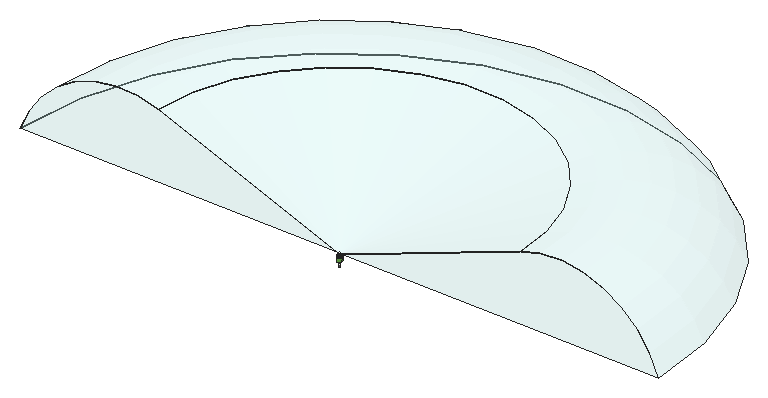
Revit family "U Series Nozzles", category Conexões de tubo, Revit 2020
Family settings
  Cota do conector redondo = Utilizar diâmetro
  Tipo de parte = Cobertura
  Número OmniClass = 23.60.30.11.14
  Título OmniClass = Pipework Fittings
  Com base no plano de trabalho = Sim
  Sempre na vertical = Sim
  Corte com vazios quando carregada = Não
  Compartilhado = Não
Parameters (values of type "U8 Series")
  Water Visibility (Circle) = yes
  Water = Water
  URL = ""
  Type = 1 ft
  SupportProjetos: Reviw Date = "26/03/2021"  # constant formula
  SupportProjetos: Level of Detail = "LOD 300"  # constant formula
  SupportProjetos: Developed = "MICHEL SOARES MOTA"  # constant formula
  SupportProjetos: Creation Date = "16/07/2020"  # constant formula
  Reviw = "R01"  # constant formula
  RainBird: Product Link = "https://store.rainbird.com/sprinklers/nozzles.html?sprays_nozzleseries=102"
  RainBird: Description [instance] = if(Type = 1 ft, "Spray Nozzles U8 Series ", if(Type = 2 ft, "Spray Nozzles U10 Series", if(Type = 3 ft, " Spray Nozzles U12 Series ", if(Type = 4 ft, " Spray Nozzles  U15 Series ", "Does not exis"))))  # "Spray Nozzles U8 Series "
  RainBird: Comment [instance] = ""
  Radius [instance] = if(and(Limit Angle = 360.00°, Pressure = 15.0 psi, Type = 2 ft), 7 ft, if(and(Limit Angle = 360.00°, Pressure = 20.0 psi, Type = 2 ft), 8 ft, if(and(Limit Angle = 360.00°, Pressure = 25.0 psi, Type = 2 ft), 9 ft, if(and(Limit Angle = 360.00°, Pressure = 30.0 psi, Type = 2 ft), 10 ft, if(and(Limit Angle = 180.00°, Pressure = 15.0 psi, Type = 2 ft), 7 ft, if(and(Limit Angle = 180.00°, Pressure = 20.0 psi, Type = 2 ft), 8 ft, if(and(Limit Angle = 180.00°, Pressure = 25.0 psi, Type = 2 ft), 9 ft, if(and(Limit Angle = 180.00°, Pressure = 30.0 psi, Type = 2 ft), 10 ft, if(and(Limit Angle = 90.00°, Pressure = 15.0 psi, Type = 2 ft), 7 ft, if(and(Limit Angle = 90.00°, Pressure = 20.0 psi, Type = 2 ft), 8 ft, if(and(Limit Angle = 90.00°, Pressure = 25.0 psi, Type = 2 ft), 9 ft, if(and(Limit Angle = 90.00°, Pressure = 30.0 psi, Type = 2 ft), 10 ft, if(and(Limit Angle = 360.00°, Pressure = 15.0 psi, Type = 1 ft), 5 ft, if(and(Limit Angle = 360.00°, Pressure = 20.0 psi, Type = 1 ft), 6 ft, if(and(Limit Angle = 360.00°, Pressure = 25.0 psi, Type = 1 ft), 7 ft, if(and(Limit Angle = 360.00°, Pressure = 30.0 psi, Type = 1 ft), 8 ft, if(and(Limit Angle = 180.00°, Pressure = 15.0 psi, Type = 1 ft), 5 ft, if(and(Limit Angle = 180.00°, Pressure = 20.0 psi, Type = 1 ft), 6 ft, if(and(Limit Angle = 180.00°, Pressure = 25.0 psi, Type = 1 ft), 7 ft, if(and(Limit Angle = 180.00°, Pressure = 30.0 psi, Type = 1 ft), 8 ft, if(and(Limit Angle = 90.00°, Pressure = 15.0 psi, Type = 1 ft), 5 ft, if(and(Limit Angle = 90.00°, Pressure = 20.0 psi, Type = 1 ft), 6 ft, if(and(Limit Angle = 90.00°, Pressure = 25.0 psi, Type = 1 ft), 7 ft, if(and(Limit Angle = 90.00°, Pressure = 30.0 psi, Type = 1 ft), 8 ft, if(and(Limit Angle = 360.00°, Pressure = 15.0 psi, Type = 3 ft), 9 ft, if(and(Limit Angle = 360.00°, Pressure = 20.0 psi, Type = 3 ft), 10 ft, if(and(Limit Angle = 360.00°, Pressure = 25.0 psi, Type = 3 ft), 11 ft, if(and(Limit Angle = 360.00°, Pressure = 30.0 psi, Type = 3 ft), 12 ft, if(and(Limit Angle = 180.00°, Pressure = 15.0 psi, Type = 3 ft), 9 ft, if(and(Limit Angle = 180.00°, Pressure = 20.0 psi, Type = 3 ft), 10 ft, if(and(Limit Angle = 180.00°, Pressure = 25.0 psi, Type = 3 ft), 11 ft, if(and(Limit Angle = 180.00°, Pressure = 30.0 psi, Type = 3 ft), 12 ft, if(and(Limit Angle = 90.00°, Pressure = 15.0 psi, Type = 3 ft), 9 ft, if(and(Limit Angle = 90.00°, Pressure = 20.0 psi, Type = 3 ft), 10 ft, if(and(Limit Angle = 90.00°, Pressure = 25.0 psi, Type = 3 ft), 11 ft, if(and(Limit Angle = 90.00°, Pressure = 30.0 psi, Type = 3 ft), 12 ft, if(and(Limit Angle = 360.00°, Pressure = 15.0 psi, Type = 4 ft), 11 ft, if(and(Limit Angle = 360.00°, Pressure = 20.0 psi, Type = 4 ft), 12 ft, if(and(Limit Angle = 360.00°, Pressure = 25.0 psi, Type = 4 ft), 14 ft, if(and(Limit Angle = 360.00°, Pressure = 30.0 psi, Type = 4 ft), 15 ft, if(and(Limit Angle = 180.00°, Pressure = 15.0 psi, Type = 4 ft), 11 ft, if(and(Limit Angle = 180.00°, Pressure = 20.0 psi, Type = 4 ft), 12 ft, if(and(Limit Angle = 180.00°, Pressure = 25.0 psi, Type = 4 ft), 14 ft, if(and(Limit Angle = 180.00°, Pressure = 30.0 psi, Type = 4 ft), 15 ft, if(and(Limit Angle = 90.00°, Pressure = 15.0 psi, Type = 4 ft), 11 ft, if(and(Limit Angle = 90.00°, Pressure = 20.0 psi, Type = 4 ft), 12 ft, if(and(Limit Angle = 90.00°, Pressure = 25.0 psi, Type = 4 ft), 14 ft, if(and(Limit Angle = 90.00°, Pressure = 30.0 psi, Type = 4 ft), 15 ft, 20 ft))))))))))))))))))))))))))))))))))))))))))))))))  # 5 ft
  R2 [instance] = 0.032808 ft
  R1 [instance] = 0.026247 ft
  Pressure [instance] = 15 psi
  Plastic 2 = Black Plastic
  Plastic 1 = Green
  PCS - 090 [instance] = no
  PCS - 060 [instance] = no
  PCS - 040 [instance] = no
  PCS - 030 [instance] = no
  PCS - 025 [instance] = no
  PCS - 020 [instance] = yes
  Modelo = "U8"
  Metal = PARAFUSO
  H2 = 1.312 ft  # constant formula
  H1 [instance] = 0.049213 ft
  Flow [instance] = if(and(Limit Angle = 360.00°, Pressure = 15.0 psi, Type = 1 ft), 0.74 GPM, if(and(Limit Angle = 360.00°, Pressure = 20.0 psi, Type = 1 ft), 0.86 GPM, if(and(Limit Angle = 360.00°, Pressure = 25.0 psi, Type = 1 ft), 0.96 GPM, if(and(Limit Angle = 360.00°, Pressure = 30.0 psi, Type = 1 ft), 1.05 GPM, if(and(Limit Angle = 180.00°, Pressure = 15.0 psi, Type = 1 ft), 0.37 GPM, if(and(Limit Angle = 180.00°, Pressure = 20.0 psi, Type = 1 ft), 0.42 GPM, if(and(Limit Angle = 180.00°, Pressure = 25.0 psi, Type = 1 ft), 0.47 GPM, if(and(Limit Angle = 180.00°, Pressure = 30.0 psi, Type = 1 ft), 0.52 GPM, if(and(Limit Angle = 90.00°, Pressure = 15.0 psi, Type = 1 ft), 0.18 GPM, if(and(Limit Angle = 90.00°, Pressure = 20.0 psi, Type = 1 ft), 0.18 GPM, if(and(Limit Angle = 90.00°, Pressure = 25.0 psi, Type = 1 ft), 0.21 GPM, if(and(Limit Angle = 90.00°, Pressure = 30.0 psi, Type = 1 ft), 0.26 GPM, if(and(Limit Angle = 360.00°, Pressure = 15.0 psi, Type = 2 ft), 1.16 GPM, if(and(Limit Angle = 360.00°, Pressure = 20.0 psi, Type = 2 ft), 1.34 GPM, if(and(Limit Angle = 360.00°, Pressure = 25.0 psi, Type = 2 ft), 1.5 GPM, if(and(Limit Angle = 360.00°, Pressure = 30.0 psi, Type = 2 ft), 1.64 GPM, if(and(Limit Angle = 180.00°, Pressure = 15.0 psi, Type = 2 ft), 0.58 GPM, if(and(Limit Angle = 180.00°, Pressure = 20.0 psi, Type = 2 ft), 0.67 GPM, if(and(Limit Angle = 180.00°, Pressure = 25.0 psi, Type = 2 ft), 0.75 GPM, if(and(Limit Angle = 180.00°, Pressure = 30.0 psi, Type = 2 ft), 0.82 GPM, if(and(Limit Angle = 90.00°, Pressure = 15.0 psi, Type = 2 ft), 0.29 GPM, if(and(Limit Angle = 90.00°, Pressure = 20.0 psi, Type = 2 ft), 0.33 GPM, if(and(Limit Angle = 90.00°, Pressure = 25.0 psi, Type = 2 ft), 0.37 GPM, if(and(Limit Angle = 90.00°, Pressure = 30.0 psi, Type = 2 ft), 0.41 GPM, if(and(Limit Angle = 360.00°, Pressure = 15.0 psi, Type = 3 ft), 1.8 GPM, if(and(Limit Angle = 360.00°, Pressure = 20.0 psi, Type = 3 ft), 2.1 GPM, if(and(Limit Angle = 360.00°, Pressure = 25.0 psi, Type = 3 ft), 2.4 GPM, if(and(Limit Angle = 360.00°, Pressure = 30.0 psi, Type = 3 ft), 2.6 GPM, if(and(Limit Angle = 180.00°, Pressure = 15.0 psi, Type = 3 ft), 0.9 GPM, if(and(Limit Angle = 180.00°, Pressure = 20.0 psi, Type = 3 ft), 1.05 GPM, if(and(Limit Angle = 180.00°, Pressure = 25.0 psi, Type = 3 ft), 1.2 GPM, if(and(Limit Angle = 180.00°, Pressure = 30.0 psi, Type = 3 ft), 1.3 GPM, if(and(Limit Angle = 90.00°, Pressure = 15.0 psi, Type = 3 ft), 0.45 GPM, if(and(Limit Angle = 90.00°, Pressure = 20.0 psi, Type = 3 ft), 0.53 GPM, if(and(Limit Angle = 90.00°, Pressure = 25.0 psi, Type = 3 ft), 0.6 GPM, if(and(Limit Angle = 90.00°, Pressure = 30.0 psi, Type = 3 ft), 0.65 GPM, if(and(Limit Angle = 360.00°, Pressure = 15.0 psi, Type = 4 ft), 2.6 GPM, if(and(Limit Angle = 360.00°, Pressure = 20.0 psi, Type = 4 ft), 3.0 GPM, if(and(Limit Angle = 360.00°, Pressure = 25.0 psi, Type = 4 ft), 3.3 GPM, if(and(Limit Angle = 360.00°, Pressure = 30.0 psi, Type = 4 ft), 3.7 GPM, if(and(Limit Angle = 180.00°, Pressure = 15.0 psi, Type = 4 ft), 1.3 GPM, if(and(Limit Angle = 180.00°, Pressure = 20.0 psi, Type = 4 ft), 1.5 GPM, if(and(Limit Angle = 180.00°, Pressure = 25.0 psi, Type = 4 ft), 1.65 GPM, if(and(Limit Angle = 180.00°, Pressure = 30.0 psi, Type = 4 ft), 1.85 GPM, if(and(Limit Angle = 90.00°, Pressure = 15.0 psi, Type = 4 ft), 0.65 GPM, if(and(Limit Angle = 90.00°, Pressure = 20.0 psi, Type = 4 ft), 0.75 GPM, if(and(Limit Angle = 90.00°, Pressure = 25.0 psi, Type = 4 ft), 0.82 GPM, if(and(Limit Angle = 90.00°, Pressure = 30.0 psi, Type = 4 ft), 0.92 GPM, 0.0 GPM))))))))))))))))))))))))))))))))))))))))))))))))  # 0.37 GPM
  Default Elevation = 4 ft
  Description = "Spray Nozzles U Series "  # constant formula
  DT8 [instance] = if(Limit Angle < 360.00°, 0.098425 ft, 6.56168 ft)  # 0.098425 ft
  DT7 [instance] = 4 * Radius  # 20 ft
  DT4 [instance] = 5 * Radius  # 25 ft
  DT3 [instance] = 0.3397 * Radius  # 1.6985 ft
  DT2 = 0.098425 ft  # constant formula
  DT13 = 0.049769 ft
  DT12 = 0.070216 ft
  DT1 = 0.032808 ft
  DT6 = 0 ft
  DT5 [instance] = 0.6 * Radius  # 3 ft
  Blue Plastic = Transparent Plastic
  Limit Angle [instance] = if(and(Arc Angle > 0.00°, Arc Angle < 90.00°), 90.00°, if(Arc Angle = 90.00°, 90.00°, if(and(Arc Angle > 90.00°, Arc Angle < 180.00°), 180.00°, if(Arc Angle = 180.00°, 180.00°, if(and(Arc Angle > 180.00°, Arc Angle < 360.00°), 360.00°, if(Arc Angle = 360.00°, 360.00°, 0.00°))))))  # 180.00°
  Arc Angle [instance] = 180.00°
  Angle 2 [instance] = if(Limit Angle < 360.00°, 360.00° - Limit Angle, 180.00°)  # 180.00°
  Angle = 20.00°
Types (4, lengths in ft): name | URL | Type | RainBird: Description | Radius | Plastic 1 | Modelo | Flow | DT7 | DT4 | DT3 | DT5 | Blue Plastic
  U8 Series | "" | 1 | "Spray Nozzles U8 Series " | 5 | Green | "U8" | 0.37 GPM | 20 | 25 | 1.6985 | 3 | Transparent Plastic
  U10 Series | "" | 2 | "Spray Nozzles U10 Series" | 7 | Blue Plastic | "U10" | 0.58 GPM | 28 | 35 | 2.3779 | 4.2 | Blue Plastic
  U12 Series | "https://www.rainbird.com/" | 3 | " Spray Nozzles U12 Series " | 9 | Brown | "U12" | 0.9 GPM | 36 | 45 | 3.0573 | 5.4 | Transparent Plastic
  U15 Series | "" | 4 | " Spray Nozzles  U15 Series " | 11 | Black | "U15" | 1.3 GPM | 44 | 55 | 3.7367 | 6.6 | Transparent Plastic
Reference planes (ft)
  plane 1 "Centro (Frente/Trás)": y = 0
  plane 2: z = 0
  plane 3 "Centro (Esquerda/Direita)": x = 0
Forms (ft)
  Revolve 1, solid, material "Water" <- "Water", visible <- "Water Visibility (Circle)"
    sketch origin (0, 0, 0) x (1, 0, 0) y (0, 0, 1)
      loop
        line (0.032808, 0.098425) -> (5.032808, 0.098425)
        arc (5.032808, 0.098425) -> (4.155878, 1.065322) -> (2.851886, 1.124486) r 1.698503
        line (2.851886, 1.124486) -> (0.032808, 0.098425)
      axis (0, 0.098425) -> (0, 1.124486)
    angle from 0 to 180 <- "Arc Angle"
Dimensions and locks (ft)
  "DT1": Revolve 1 sketch curve to plane 3 "Centro (Esquerda/Direita)"
  "DT2": Revolve 1 sketch curve to level
  "Radius": Revolve 1 sketch curve to Revolve 1 sketch curve
  "DT5": Revolve 1 sketch curve to Revolve 1 sketch curve
  "Angle": angle Revolve 1 sketch curve to Revolve 1 sketch curve
  aligned and locked: level to plane 2
Automatic sketch dimensions
  Revolve 1 sketch curve to plane 3 "Centro (Esquerda/Direita)" = 0 ft
  Revolve 1 sketch curve to Revolve 1 sketch curve = 0.052946 ft
  Revolve 1 sketch curve to Revolve 1 sketch curve = 10.2693 ft
Nested families (ft)
  nested 1: "R VAN PCS Screen" at (0, 0, 0), Material <- "Blue Plastic", PCS.020 <- "PCS - 020", PCS.025 <- "PCS - 025", PCS.030 <- "PCS - 030", PCS.040 <- "PCS - 040", PCS.060 <- "PCS - 060", PCS.090 <- "PCS - 090", type "R VAN PCS Screen"
    with RainBird: Description "PCS - 020", PCS.090 no, PCS.060 no, PCS.040 no, PCS.030 no, PCS.025 no, PCS.020 yes, Material Transparent Plastic
  nested 2: "BOCAL U" at (0, 0, 0), type "BOCAL U"
    with Matreral 3 PARAFUSO, Material 2 Green, Material 1 Black
Connectors (ft)
  piping at (0, 0, 0), diameter 2
    settings: on nested 1, index 1, connector inside diameter 609.6 mm, connector length 0 ft, flow factor 0, pipe flow 0.0 GPM, pressure drop 0 psi, fitting loss kfactor 0, connector angle 0.00°, fixture units 0, engagement length 0 ft, angle of deflection 0.00°, flow configuration 0, flow direction 0, fitting loss method 0, system type 28, joint type 0, gender type 0, connector reference index -1, connector utility 0, adjustable connector no, is connector primary yes, connector description ""
Definition of nested family "R VAN PCS Screen"
  Parameters (values of type "R VAN PCS Screen")
    RainBird: Description [instance] = if(PCS.020, "PCS - 020", if(PCS.025, "PCS - 025", if(PCS.030, "PCS - 030", if(PCS.040, "PCS - 040", if(PCS.060, "PCS - 060", if(PCS.090, "PCS - 090", "Does not exist"))))))  # "PCS - 020"
    PCS.090 [instance] = no
    PCS.060 [instance] = no
    PCS.040 [instance] = no
    PCS.030 [instance] = no
    PCS.020 [instance] = yes
    PCS.025 [instance] = no
    Material [instance] = none
    Default Elevation = 0 ft
  Reference planes (ft)
    plane 1 "Centro (Frente/Trás)": y = 0
    plane 2: z = 0
    plane 3 "Centro (Esquerda/Direita)": x = 0
  Forms (ft)
    Revolve 1, solid, material <- "Material"
      sketch origin (0, 0, 0) x (1, 0, 0) y (0, 0, 1)
        loop
          line (0, -0.088229) -> (0.016404, -0.088229) -> (0.016404, -0.03138) -> (0.022015, -0.015965) -> (0.022015, -0.006562) -> (0.026522, -0.006562) -> (0.026522, 0) -> (0.015453, 0) -> (0.015453, -0.014808) -> (0.009843, -0.030223) -> (0.009843, -0.081723) -> (0, -0.081723) -> (0, -0.088229)
        axis (0, -0.088229) -> (0, 0)
      angle from 0 to 360
  Dimensions and locks (ft)
    level to Revolve 1 sketch curve = 0.088229 ft
    aligned and locked: level to plane 2
Definition of nested family "BOCAL U"
  Parameters (values of type "BOCAL U")
    Matreral 3 [instance] = none
    Material 2 [instance] = none
    Material 1 [instance] = none
    Default Elevation = 0 ft
  Reference planes (ft)
    plane 1 "Centro (Frente/Trás)": y = 0
    plane 2: z = 0
    plane 3 "Centro (Esquerda/Direita)": x = 0
  Forms (ft)
    Extrusion 1, solid, material <- "Material 2"
      sketch origin (0, 0, 0) x (1, 0, 0) y (0, 1, 0)
        loop
          line (-0.03118, -0.001271) -> (-0.008961, -0.001271)
          arc (-0.008961, -0.001271) -> (-0.009051, 0.000025) -> (-0.008954, 0.00132) r 0.009051
          line (-0.008954, 0.00132) -> (-0.031114, 0.00132)
          arc (-0.031114, 0.00132) -> (-0.031171, 0.000025) -> (-0.03118, -0.001271) r 0.035662
        loop
          arc (0.030801, -0.001271) -> (0.030856, 0.000024) -> (0.030865, 0.00132) r 0.035662
          line (0.030865, 0.00132) -> (0.008954, 0.00132)
          arc (0.008954, 0.00132) -> (0.009051, 0.000025) -> (0.008961, -0.001271) r 0.009051
          line (0.008961, -0.001271) -> (0.030801, -0.001271)
      from 0.038472 to 0.069223
    Extrusion 2, solid, material <- "Matreral 3"
      sketch origin (0, 0, 0) x (1, 0, 0) y (0, 1, 0)
        loop
          circle (0, 0) r 0.005499
      from 0.045527 to 0.069223
    Extrusion 3, solid, material <- "Matreral 3"
      sketch origin (0, 0, 0) x (1, 0, 0) y (0, 1, 0)
        loop
          arc (-0.000633, 0.005462) -> (-0.005499, 0) -> (-0.000633, -0.005462) r 0.005499
          line (-0.000633, -0.005462) -> (-0.000633, 0.005462)
        loop
          line (0.000633, 0.005462) -> (0.000633, -0.005462)
          arc (0.000633, -0.005462) -> (0.005499, 0) -> (0.000633, 0.005462) r 0.005499
      from 0.06414 to 0.070693
    Revolve 4, solid, material <- "Material 2"
      sketch origin (0, 0, 0) x (1, 0, 0) y (0, 0, 1)
        loop
          line (0.005759, 0.069223) -> (0.005759, 0.023442) -> (0.02249, 0.023442) -> (0.02249, 0) -> (0.038894, 0) -> (0.038894, 0.053848) -> (0.030801, 0.053848) -> (0.030801, 0.060361) -> (0.038894, 0.060361) -> (0.038894, 0.069223) -> (0.030865, 0.069223) -> (0.030865, 0.065245) -> (0.008961, 0.065245) -> (0.008961, 0.069223) -> (0.005759, 0.069223)
        axis (0, 0) -> (0, 0.069223)
      angle from 0 to 360
    Extrusion 5, solid, material <- "Material 1"
      sketch origin (0, 0, 0) x (1, 0, 0) y (0, 1, 0)
        loop
          circle (0, 0) r 0.038894
        loop
          circle (0, 0) r 0.030865
      from 0.069223 to 0.070693
  Cuts and joins
    joined: Extrusion 2, Extrusion 3
  Dimensions and locks (ft)
    aligned and locked: level to plane 2
